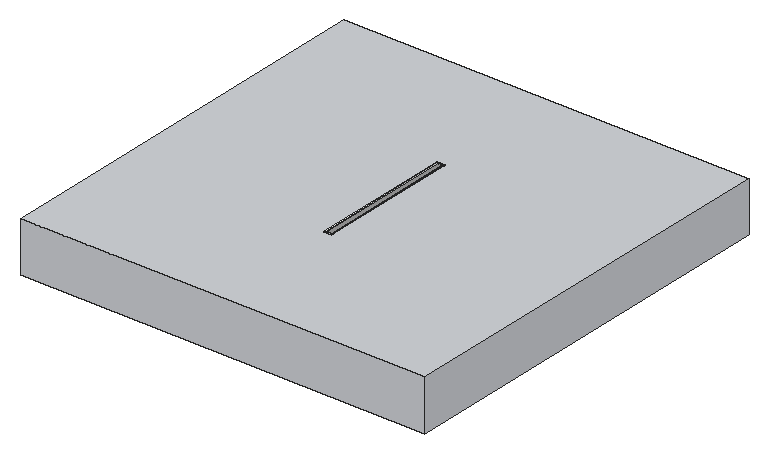
Revit family "LAMP_FIL 35 840MM OPAL RECESSED", category Luminarias, Revit 2018
Family settings
  Anfitrión = Cara
  Cota de conector redondo = Diámetro de uso
  Tipo de pieza = Normal
  Corte con vacíos al cargar = No
  Origen de luz = Sí
  Compartido = No
  Punto de cálculo de habitación = No
Parameters (values of type "912LM 3000K  BLACK")
  Ángulo de inclinación = -90.00°
  Weight = 2.00 kg
  Wattage = 8.8 W
  Type = "MID POWER TRIDONIC"
  built-in parameter 1150107 = 3000 (stored number, unit not read)
  Recessed dimensions = "848x42x0"
  built-in parameter 1150110 = 1 (stored number, unit not read)
  built-in parameter 1150109 = 1 (stored number, unit not read)
  built-in parameter 1150112 = 1 (stored number, unit not read)
  built-in parameter 1150113 = 1 (stored number, unit not read)
  built-in parameter 1114218 = 1 (stored number, unit not read)
  Protection rating = "IP20 / IK07"
  Product datasheet = "http://www.lamp.es/product-files/TECH/F31RE084LOOP830NB-EN.pdf"
  Product code = "F31RE084LOOP830NB"
  Product URL = "https://www.lamp.es/en/family/fil-35_413911"
  Power Supply = "220-240V 50/60Hz"
  Power = 8 W
  Plum = 8.8 W
  Photobiological risk = ""
  NOT COVER 2 [instance] = not(END COVER 2)  # no
  NOT COVER 1 [instance] = not(END COVER 1)  # no
  built-in parameter 1150137 = (empty or 0)
  built-in parameter 1150132 = 2
  Modelo = Product code  # "F31RE084LOOP830NB"
  Model Explanation = ""
  Material suspension = LAMP_Acero genérico
  Material perfil = LAMP_Aluminio Perfil Fil NG
  Material difusor = LAMP_PC Difusor Opal Fil
  Manufacturer name = "LAMP"
  Manufacturer country = "Spain"
  Manufacturer URL = "http://www.lamp.es/en"
  MacAdam = "3"
  Longitud de línea de emisión = 840 mm
  Last update = "03/05/2021"
  Lamp = "MID-POWER LED"
  LED Lifetime = "50.000 L90 B10"
  built-in parameter 1150105 = 72.549 (stored number, unit not read)
  built-in parameter 1150102 = (empty or 0)
  Insulation class = "I"
  Installation instructions = "https://www.lamp.es/product-files/INS/1004590-A%20INSTR.%20FIL35.pdf"
  built-in parameter 1150106 = 0.72549 (stored number, unit not read)
  IEE = "A+"
  Gear = "Electronic"
  Lumens = 911.68 lm
  Finish = "Matte black RAL 9011"
  Color Filter = 16777215
  built-in parameter 1114217 = 1 (stored number, unit not read)
  built-in parameter 1150139 = (empty or 0)
  Fabricante = Manufacturer name  # "LAMP"
  Default Elevation = 1219.2 mm
  built-in parameter 1150104 = 9.6248 (stored number, unit not read)
  Efficacy = 103.6 lm/W
  END COVER 2 [instance] = yes
  END COVER 1 [instance] = yes
  Dimensions = "840x45x76"
  Descripción = "FIL35 REC 840 1200 WW OPAL BK."
  built-in parameter 1150115 = 1 (stored number, unit not read)
  built-in parameter 1150114 = 1 (stored number, unit not read)
  built-in parameter 1150138 = (empty or 0)
  built-in parameter 1150134 = 3
  Dimming Lamp Color Temperature Shift = (empty or 0)
  CRI = "80"
  Archivo de red fotométrica = "F31RE084LOOP830NB.IES"
  built-in parameter 1150133 = 10 (stored number, unit not read)
Types (12, lengths in mm): name | built-in parameter 1150107 | Product datasheet | Product code | Modelo | Material perfil | Finish | Descripción | Archivo de red fotométrica
  912LM 3000K DALI BLACK | 3000 (stored number, unit not read) | "http://www.lamp.es/product-files/TECH/F31RE084LOOP830DB-EN.pdf" | "F31RE084LOOP830DB" | "F31RE084LOOP830DB" | LAMP_Aluminio Perfil Fil NG | "Matte black RAL 9011" | "FIL35 REC 840 1200 WW OPAL DALI BK." | "F31RE084LOOP830nB.IES"
  912LM 3000K DALI GREY | 3000 (stored number, unit not read) | "http://www.lamp.es/product-files/TECH/F31RE084LOOP830DG-EN.pdf" | "F31RE084LOOP830DG" | "F31RE084LOOP830DG" | LAMP_Aluminio Perfil Fil GR | "Gloss grey" | "FIL35 REC 840 1200 WW OPAL DALI GR." | "F31RE084LOOP830ng.IES"
  912LM 3000K DALI WHITE | 3000 (stored number, unit not read) | "http://www.lamp.es/product-files/TECH/F31RE084LOOP830DW-EN.pdf" | "F31RE084LOOP830DW" | "F31RE084LOOP830DW" | LAMP_Aluminio Perfil Fil BL | "Matte white RAL 9010" | "FIL35 REC 840 1200 WW OPAL DALI WH." | "F31RE084LOOP830nW.IES"
  912LM 3000K  BLACK | 3000 (stored number, unit not read) | "http://www.lamp.es/product-files/TECH/F31RE084LOOP830NB-EN.pdf" | "F31RE084LOOP830NB" | "F31RE084LOOP830NB" | LAMP_Aluminio Perfil Fil NG | "Matte black RAL 9011" | "FIL35 REC 840 1200 WW OPAL BK." | "F31RE084LOOP830NB.IES"
  912LM 3000K  GREY | 3000 (stored number, unit not read) | "http://www.lamp.es/product-files/TECH/F31RE084LOOP830NG-EN.pdf" | "F31RE084LOOP830NG" | "F31RE084LOOP830NG" | LAMP_Aluminio Perfil Fil GR | "Gloss grey" | "FIL35 REC 840 1200 WW OPAL GR." | "F31RE084LOOP830NG.IES"
  912LM 3000K  WHITE | 3000 (stored number, unit not read) | "http://www.lamp.es/product-files/TECH/F31RE084LOOP830NW-EN.pdf" | "F31RE084LOOP830NW" | "F31RE084LOOP830NW" | LAMP_Aluminio Perfil Fil BL | "Matte white RAL 9010" | "FIL35 REC 840 1200 WW OPAL WH." | "F31RE084LOOP830NW.IES"
  912LM 4000K DALI BLACK | 4000 (stored number, unit not read) | "http://www.lamp.es/product-files/TECH/F31RE084LOOP840DB-EN.pdf" | "F31RE084LOOP840DB" | "F31RE084LOOP840DB" | LAMP_Aluminio Perfil Fil NG | "Matte black RAL 9011" | "FIL35 REC 840 1200 NW OPAL DALI BK." | "F31RE084LOOP840nB.IES"
  912LM 4000K DALI GREY | 4000 (stored number, unit not read) | "http://www.lamp.es/product-files/TECH/F31RE084LOOP840DG-EN.pdf" | "F31RE084LOOP840DG" | "F31RE084LOOP840DG" | LAMP_Aluminio Perfil Fil GR | "Gloss grey" | "FIL35 REC 840 1200 NW OPAL DALI GR." | "F31RE084LOOP840nG.IES"
  912LM 4000K DALI WHITE | 4000 (stored number, unit not read) | "http://www.lamp.es/product-files/TECH/F31RE084LOOP840DW-EN.pdf" | "F31RE084LOOP840DW" | "F31RE084LOOP840DW" | LAMP_Aluminio Perfil Fil BL | "Matte white RAL 9010" | "FIL35 REC 840 1200 NW OPAL DALI WH." | "F31RE084LOOP840nW.IES"
  912LM 4000K  BLACK | 4000 (stored number, unit not read) | "http://www.lamp.es/product-files/TECH/F31RE084LOOP840NB-EN.pdf" | "F31RE084LOOP840NB" | "F31RE084LOOP840NB" | LAMP_Aluminio Perfil Fil NG | "Matte black RAL 9011" | "FIL35 REC 840 1200 NW OPAL BK." | "F31RE084LOOP840NB.IES"
  912LM 4000K  GREY | 4000 (stored number, unit not read) | "http://www.lamp.es/product-files/TECH/F31RE084LOOP840NG-EN.pdf" | "F31RE084LOOP840NG" | "F31RE084LOOP840NG" | LAMP_Aluminio Perfil Fil GR | "Gloss grey" | "FIL35 REC 840 1200 NW OPAL GR." | "F31RE084LOOP840NG.IES"
  912LM 4000K  WHITE | 4000 (stored number, unit not read) | "http://www.lamp.es/product-files/TECH/F31RE084LOOP840NW-EN.pdf" | "F31RE084LOOP840NW" | "F31RE084LOOP840NW" | LAMP_Aluminio Perfil Fil BL | "Matte white RAL 9010" | "FIL35 REC 840 1200 NW OPAL WH." | "F31RE084LOOP840NW.IES"
Reference planes
  plane 1 "Centro (Frontal/Posterior)": y = 0
  plane 2: z = 0
  plane 3 "Centro (Izquierda/Derecha)": x = 0
Forms (mm)
  Extrusion 1, solid
    sketch origin (0, 0, 0) x (1, 0, 0) y (0, 1, 0)
      loop
        line (-1219.2, 1219.2) -> (-1219.2, -1219.2) -> (1219.2, -1219.2) -> (1219.2, 1219.2) -> (-1219.2, 1219.2)
    from 0 to -304.8
  Extrusion 2, solid, material "LAMP_Aluminio Perfil Fil NG" <- "Material perfil"
    sketch origin (0, 0, -281.8) x (1, 0, 0) y (0, 0, 1)
      loop
        line (-17.5, 281.8) -> (-17.5, 207) -> (0, 207) -> (17.5, 207) -> (17.5, 281.8) -> (22.5, 281.8) -> (22.5, 283) -> (16.5, 283) -> (16.5, 259) -> (0, 259) -> (-16.5, 259) -> (-16.5, 283) -> (-22.5, 283) -> (-22.5, 281.8) -> (-17.5, 281.8)
    from -420 to 420
  Extrusion 3, solid, material "LAMP_PC Difusor Opal Fil" <- "Material difusor"
    sketch origin (0, 0, -281.8) x (1, 0, 0) y (0, 0, 1)
      loop
        line (-16.5, 283) -> (-16.5, 281.8) -> (16.5, 281.8) -> (16.5, 283) -> (-16.5, 283)
    from 420 to -420
Text (mm)
  text "Any modification of the parameters and properties of the LAMP BIM models must be executed and validated by the LAMP technical department.\nPhone: +34 93 736 68 00\nE-mail: lamp@lamp.es\n\nLAMP reserves the right to modify the technical specifications of its products." at (3249.303, 5266.069, -2786.139), in view "Preview"
Dimensions and locks
  aligned and locked: plane 2 to Extrusion 1
  aligned and locked: level to Extrusion 1
Nested families
  nested 1: "LAMP_FIL 35 END COVER RECESSED" at (0, -421, -74.8), visible <- "END COVER 1", type "LAMP_FIL 35 END COVER RECESSED"
  nested 2: "LAMP_FIL 35 END COVER RECESSED" at (0, 421, -74.8) x (-1, 0, 0) z (0, 0, 1), visible <- "END COVER 2", type "LAMP_FIL 35 END COVER RECESSED"
Connectors
  electrical at (0, 0, -75.3)
    settings: on Extrusion 2, index 1, voltage 230 V, apparent load 0 VA, apparent load phase1 0 VA, apparent load phase2 0 VA, apparent load phase3 0 VA, power factor 1, load classification "Otro", number of poles 1, system type 31, power factor state 1, is connector primary yes, connector utility no, sub classification motor no, connector description ""
Definition of nested family "LAMP_FIL 35 END COVER RECESSED"
  Parameters (values of type "LAMP_FIL 35 END COVER RECESSED")
    Material tapa = none
  Reference planes
    plane 1 "Centro (Frontal/Posterior)": y = 0
    plane 2: z = 0
    plane 3 "Centro (Izquierda/Derecha)": x = 0
  Forms (mm)
    Extrusion 1, solid, material <- "Material tapa"
      sketch origin (0, 0, 76.8) x (0, -1, 0) y (0, 0, -1)
        loop
          line (1, 76.8) -> (-1, 76.8) -> (-1, 0.8) -> (5, 0.8) -> (5, 2) -> (1, 2) -> (1, 76.8)
      from -22.5 to 22.5
    Extrusion 2, void
      sketch origin (-5.1, 0, 0) x (1, 0, 0) y (0, 0, 1)
        loop
          line (22.6, 74.8) -> (22.6, 0) -> (27.6, 0) -> (27.6, 74.8) -> (22.6, 74.8)
      from -23.5 to 23.5
    Extrusion 3, void
      sketch origin (5.1, 0, 0) x (1, 0, 0) y (0, 0, 1)
        loop
          line (-22.6, 74.8) -> (-27.6, 74.8) -> (-27.6, 0) -> (-22.6, 0) -> (-22.6, 74.8)
      from -23.5 to 23.5
  Cuts and joins
    Extrusion 2, Extrusion 3 cuts Extrusion 1
  Dimensions and locks
    aligned and locked: level to plane 2
